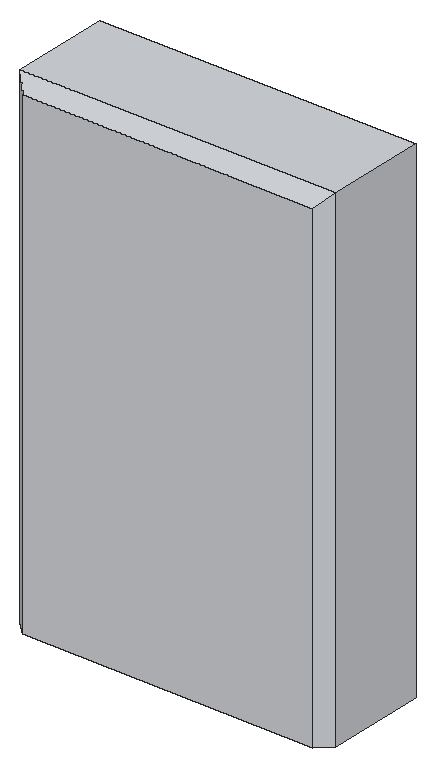
Revit family "OracDecor_D340", category Обобщенные модели, Revit 2019
Family settings
  Может служить основой для арматурных стержней = Нет
  Размер круглого соединителя = Использовать диаметр
  Тип детали = Нормальный
  На основе рабочей плоскости = Нет
  Всегда вертикально = Да
  При загрузке вырезать с полостями = Нет
  Общий = Нет
  Точка расчета площади = Нет
Parameters
  Изготовитель = "Family from POCHERTEAM"  # constant formula
  URL = "t.me/pocherteam"
Reference planes
  plane 1 "По центру (Вперед/Назад)": y = 0
  plane 2: z = 0
  plane 3 "По центру (Влево/Вправо)": x = 0
Forms (mm)
  Extrusion 1, solid
    sketch origin (0, 0, 0) x (1, 0, 0) y (0, 0, 1)
      loop
        line (0, 0) -> (70, 0) -> (70, 110) -> (0, 110) -> (0, 0)
    from 0 to 25
  Sweep 2, void
    path origin (0, -25, 0) x (1, 0, 0) y (0, 0, 1)
      loop
        line (0, 0) -> (0, 110) -> (70, 110) -> (70, 0)
    profile origin (0, -25, 55) x (-1, 0, 0) y (0, -1, 0)
      loop
        line (0, 0) -> (-2.763, 0) -> (0, -2.763) -> (0, 0)
Cuts and joins
  Sweep 2 cuts Extrusion 1
Lines and regions (mm)
  model lines
    curve 1: line (0, 0, 0) -> (0, 0, 110)
    curve 2: line (0, 0, 110) -> (70, 0, 110)
    curve 3: line (70, 0, 110) -> (70, 0, 0)
Dimensions and locks
  cut or joined group of Extrusion 1, Sweep 2 to level = 110 mm
  cut or joined group of Extrusion 1, Sweep 2 to plane 3 "По центру (Влево/Вправо)" = 70 mm
  cut or joined group of Extrusion 1, Sweep 2 to plane 1 "По центру (Вперед/Назад)" = 25 mm
  aligned and locked: level to plane 2
